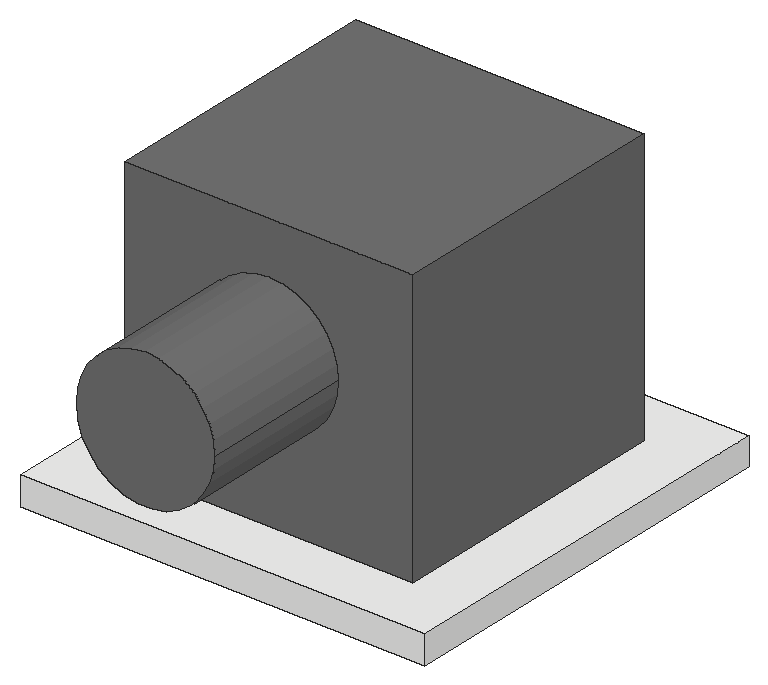
Revit family "vd-10_13zalc14_50Hz", category 機械設備, Revit 2019
Family settings
  丸型コネクタ寸法 = 直径を使用
  パーツ タイプ = 標準
  OmniClass 番号 = 23.75.35.17.27
  OmniClass タイトル = Centrifugal Fans
  作業面ベース = いいえ
  常に垂直 = はい
  ロード時にボイドで切り取り = いいえ
  共有 = いいえ
  部屋計算ポイント = はい
Parameters (values of type "VD-13ZALC14")
  騒音レベル(dB(A)) [instance] = 33
  風量 [instance] = 125.0 m³/h
  電源種別 [instance] = ""
  電圧 = 100 V
  電動機出力 = 0 W
  電動機_種別 [instance] = ""
  運転質量 = 0.00 kg
  連動 [instance] = ""
  質量 = if(製品質量 > 運転質量, 製品質量, 運転質量) * 1.2  # 2.04 kg
  負荷分類 = 3_ファン類
  説明 = "人感センサー搭載 ダクト用換気扇 低騒音形 24時間換気機能付"
  設計風量 [instance] = 0.0 m³/h
  設置方法 = "天埋"
  記号 [instance] = ""
  製造元 = "三菱電機株式会社"
  製品質量 = 1.70 kg
  製品出荷対象 = "国内"
  製品リリース年月 = "2024年6月3日"
  製品グループ = ""
  系統 [instance] = ""
  符号 [instance] = if(☑給気／□排気, "FS", "FE")  # "FE"
  積算_科目 = "2 換気設備"
  積算_拾い区分 [instance] = ""
  相 = 1
  盤記号 [instance] = ""
  発停方法 [instance] = ""
  特殊仕様 [instance] = ""
  火災停止 [instance] = ""
  消費電力 = 16.5 W
  法定耐用年数 = "15"
  機外静圧 [instance] = 0.0 Pa
  極数 = 2
  材質 [instance] = ""
  操作・制御方式 = ""
  操作・制御スイッチ = ""
  排気量 [instance] = if(☑給気／□排気, 0.0 m³/h, 設計風量)  # 0.0 m³/h
  形式 = "天井埋込ダクト形"
  幹線記号 [instance] = ""
  対象室 [instance] = ""
  実風量 [instance] = 0.0 m³/h
  始動方式 [instance] = "直入"
  外気量 [instance] = if(☑給気／□排気, 設計風量, 0.0 m³/h)  # 0.0 m³/h
  呼称 = "天井扇"
  周波数 = 50 Hz
  参照している仕様書等のバージョン = ""
  分類コード = "50052503100030"
  分類グループ = ""
  価格 = 42600
  企業コード = "108420"
  付属品_防振装置 = ""
  付属品 [instance] = ""
  仕様書バージョン = "Version1.0"
  モデル = "VD-13ZALC14"
  マテリアル = 合成樹脂(黒)
  ファンの種類 = ""
  ダクト径 = 100 mm
  コメント [instance] = ""
  Keynote = ""
  カバーマテリアル = 合成樹脂(白)
  ☑給気／□排気 [instance] = no
  Width = 204 mm
  W1 = 286 mm
  Version = ""
  Uniclass2015Version = "Systems v1.9"
  Uniclass2015Title = "Centrifugal fans"
  Uniclass2015Code = "Pr_65_67_29_12"
  URL = "https://www.mitsubishielectric.co.jp/ldg/wink/qr/002/333577/"
  SpecificationReference = ""
  SpecificationDescription = ""
  Revision = ""
  ProductInformation = ""
  OmniClassCode = "23-33 31 19 11 15"
  OAサイズ_D = 0 mm
  MIN風量 = 70.0 m³/h
  MIN静圧 = 0.0 Pa
  MID風量 = 0.0 m³/h
  MID静圧 = 0.0 Pa
  MAX風量 = 125.0 m³/h
  MAX静圧 = 0.0 Pa
  IfcTypeProduct = ""
  IfcProduct = ""
  IfcExportType = "PROPELLORAXIAL"
  IfcExportAs = "IfcFanType"
  Height = 195 mm
  H1 = 20 mm
  EAサイズ_D = 98 mm
  Duct_Height = 109 mm
  Duct_Depth = 109 mm
  Duct_Center = 0 mm
  Depth = 204 mm
  D1 = 286 mm
  Author = "三菱電機株式会社"
Types (2, lengths in mm): name | 騒音レベル(dB(A)) | 風量 | 質量 | 製品質量 | 消費電力 | 価格 | モデル | Width | W1 | URL | MIN風量 | MAX風量 | Height | Duct_Height | Depth | D1
  VD-10ZALC14 | 32 | 90.0 m³/h | 1.80 kg | 1.50 kg | 9.5 W | 38500 | "VD-10ZALC14" | 174 | 250 | "https://www.mitsubishielectric.co.jp/ldg/wink/qr/002/333553/" | 55.0 m³/h | 90.0 m³/h | 184 | 102 | 174 | 250
  VD-13ZALC14 | 33 | 125.0 m³/h | 2.04 kg | 1.70 kg | 16.5 W | 42600 | "VD-13ZALC14" | 204 | 286 | "https://www.mitsubishielectric.co.jp/ldg/wink/qr/002/333577/" | 70.0 m³/h | 125.0 m³/h | 195 | 109 | 204 | 286
Reference planes
  plane 1 "中心(正面/背面)": y = 0
  plane 2: z = 0
  plane 3 "中心(左/右)": x = 0
  plane 4: x = -143
  plane 5: x = 143
  plane 6: y = 143
  plane 7: y = -143
  plane 8: x = -102
  plane 9: x = 102
  plane 10: y = 102
  plane 11: y = -102
  plane 12: y = -211
  plane 13: z = 195
  plane 14: z = -20
  plane 15: z = 109
  plane 16: x = 0
Forms (mm)
  Extrusion 1, solid, material "合成樹脂(黒)" <- "マテリアル", detail levels fine
    sketch origin (0, 0, 0) x (1, 0, 0) y (0, 1, 0)
      loop
        line (-102, 102) -> (-102, -102) -> (102, -102) -> (102, 102) -> (-102, 102)
    from 0 to 195
  Extrusion 2, solid, material "合成樹脂(白)" <- "カバーマテリアル", detail levels fine
    sketch origin (0, 0, 0) x (1, 0, 0) y (0, 1, 0)
      loop
        line (-143, 143) -> (-143, -143) -> (143, -143) -> (143, 143) -> (-143, 143)
    from 0 to -20
  Extrusion 3, solid, material "合成樹脂(黒)" <- "マテリアル", detail levels fine
    sketch origin (0, 0, 0) x (1, 0, 0) y (0, 0, 1)
      loop
        circle (0, 109) r 49
    from 102 to 211
Dimensions and locks
  equal spacing: plane 4, plane 3 "中心(左/右)", plane 5
  "W1": plane 4 to plane 5
  equal spacing: plane 6, plane 1 "中心(正面/背面)", plane 7
  "D1": plane 6 to plane 7
  equal spacing: plane 8, plane 3 "中心(左/右)", plane 9
  "Width": plane 8 to plane 9
  equal spacing: plane 10, plane 1 "中心(正面/背面)", plane 11
  "Depth": plane 10 to plane 11
  "Duct_Depth": plane 11 to plane 12
  "Height": plane 13 to plane 2
  "Duct_Height": plane 15 to plane 2
  "H1": plane 2 to plane 14
  "Duct_Center": plane 3 "中心(左/右)" to plane 16
  "EAサイズ_D": diameter of Extrusion 3 sketch curve
  aligned and locked: level to plane 2
  aligned and locked: plane 5 to Extrusion 2
  aligned and locked: plane 6 to Extrusion 2
  aligned and locked: Extrusion 2 to plane 4
  aligned and locked: Extrusion 2 to plane 7
  aligned and locked: plane 9 to Extrusion 1
  aligned and locked: Extrusion 1 to plane 11
  aligned and locked: Extrusion 1 to plane 8
  aligned and locked: plane 10 to Extrusion 1
  aligned and locked: plane 13 to Extrusion 1
  aligned and locked: Extrusion 2 to plane 14
  aligned and locked: level to Extrusion 2
  aligned and locked: Extrusion 1 to level
  aligned and locked: Extrusion 3 to plane 12
  aligned and locked: plane 11 to Extrusion 3
Automatic sketch dimensions
  Extrusion 1 sketch curve to plane 3 "中心(左/右)" = 102 mm
  plane 3 "中心(左/右)" to Extrusion 1 sketch curve = 102 mm
  Extrusion 2 sketch curve to plane 3 "中心(左/右)" = 143 mm
  plane 3 "中心(左/右)" to Extrusion 2 sketch curve = 143 mm
  plane 1 "中心(正面/背面)" to Extrusion 1 sketch curve = 102 mm
  Extrusion 1 sketch curve to plane 1 "中心(正面/背面)" = 102 mm
  plane 1 "中心(正面/背面)" to Extrusion 2 sketch curve = 143 mm
  Extrusion 2 sketch curve to plane 1 "中心(正面/背面)" = 143 mm
  Extrusion 3 sketch curve to plane 15 = 0 mm
  Extrusion 3 sketch curve to plane 16 = 0 mm
Nested families
  nested 1: "記号_天井換気扇_平面" at (0, 0, 0), type "記号_天井換気扇_平面", detail levels coarse+medium
Connectors
  hvac at (0, -211, 109), driven by "ダクト径", driven by "風量", driven by "機外静圧"
    settings: on Extrusion 3, index 1, duct flow 125.0 m³/h, flow factor 0, pres drop 0.0 Pa, loss coef 0, conn angle 0.00°, conn width 304.8 mm, conn height 304.8 mm, conn diameter 100 mm, duct sys type 3, conn prof type 0, flow config 0, flow direction 2, loss method 4, conn ref index -1, conn util no, is conn primary yes, conn desc ""
  electrical at (0, 0, 195), driven by "極数", driven by "負荷分類", driven by "電圧", driven by "消費電力"
    settings: on Extrusion 1, index 2, voltage 100 V, apparent load 16.5 VA, apparent load phase1 0 VA, apparent load phase2 0 VA, apparent load phase3 0 VA, power factor 1, load classification "3_ファン類", number of poles 2, system type 30, power factor state 1, is connector primary yes, connector utility no, sub classification motor no, connector description ""
Definition of nested family "記号_天井換気扇_平面"
  Reference planes
    plane 1: y = 0
    plane 2: x = 0
  Lines and regions (mm)
    detail lines
      curve 1: line (-2.5, 2.5, 0) -> (2.5, 2.5, 0)
      curve 2: line (-2.5, -2.5, 0) -> (-2.5, 2.5, 0)
      curve 3: line (2.5, -2.5, 0) -> (-2.5, -2.5, 0)
      curve 4: line (2.5, 2.5, 0) -> (2.5, -2.5, 0)
      curve 5: circle (-1.04, -1.04, 0) r 1.46 normal (0, 0, 1)
      curve 6: circle (1.04, 1.04, 0) r 1.46 normal (0, 0, 1)
      curve 7: line (-3.125, 3.125, 0) -> (3.125, 3.125, 0)
      curve 8: line (-3.125, -3.125, 0) -> (-3.125, 3.125, 0)
      curve 9: line (3.125, -3.125, 0) -> (-3.125, -3.125, 0)
      curve 10: line (3.125, 3.125, 0) -> (3.125, -3.125, 0)
      curve 11: circle (1.295, 1.295, 0) r 1.83 normal (0, 0, 1)
      curve 12: circle (-1.295, -1.295, 0) r 1.83 normal (0, 0, 1)
      curve 13: line (-2, 2, 0) -> (2, 2, 0)
      curve 14: line (-2, -2, 0) -> (-2, 2, 0)
      curve 15: line (2, -2, 0) -> (-2, -2, 0)
      curve 16: line (2, 2, 0) -> (2, -2, 0)
      curve 17: circle (0.84, 0.84, 0) r 1.16 normal (0, 0, 1)
      curve 18: circle (-0.84, -0.84, 0) r 1.2 normal (0, 0, 1)
